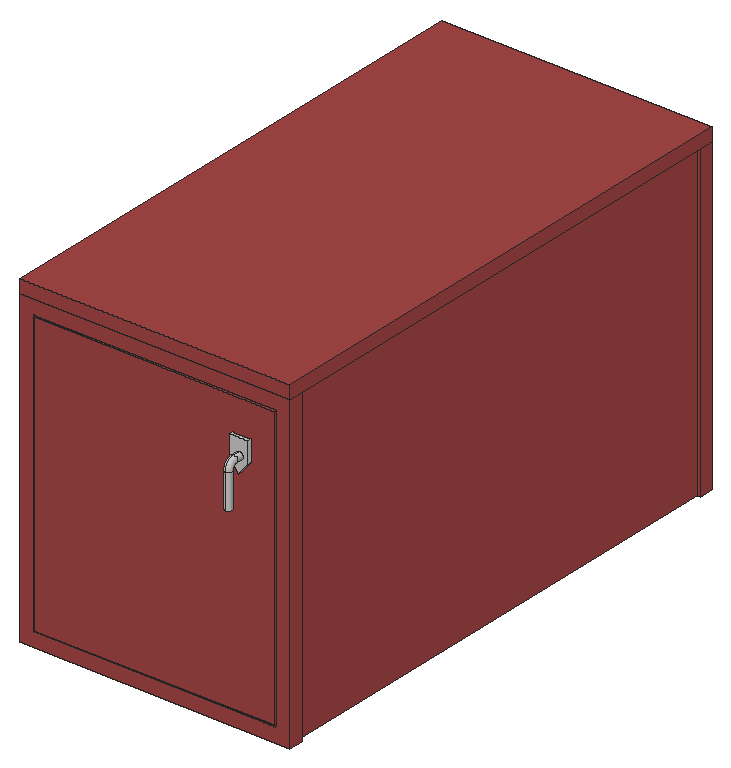
Revit family "Bike-Lockers_Huntco_BV1", category Site, host Face, Revit 2026
Family settings
  Host = Face
  Round Connector Dimension = Use Diameter
  Part Type = Normal
  Classification Number = 23.40.10.11.11
  Cut with Voids When Loaded = No
  Shared = No
Parameters
  Warranty Duration (Years) = 0
  Unit Width = 3' - 3"
  Unit Weight = 0
  Unit Length = 6' - 4"
  Unit Height = 3' - 11"
  URL = "http://www.huntco.com/"
  Test Data = ""
  Specification = "http://www.arcat.com/sdspecs/htm/02871hco.htm"
  SpecWizard = ""
  Sidewall Panel Perforations = yes
  Send Message = "http://www.arcat.com/users.pl?action=UserEmail&company=Huntco+Supply+LLC&coid=39482&rep=133&fax=503-274-2055&mf="
  Sales Information = ""
  Revision = "R1_11_2012"
  Regular Panels = not(or(Door Panel Perforations, Sidewall Panel Perforations))  # no
  Product Properties = ""
  Product Data = "http://www.arcat.com/arcatcos/cos39/arc39482.html"
  Model = "BV-1"
  Manufacturer Website = "http://www.huntco.com/"
  Manufacturer Phone - Toll Free = "800-547-5909"
  Manufacturer Phone = "503-224-8700"
  Manufacturer Fax = "503-274-2055"
  Manufacturer Address = "Huntco Supply LLC P. O. Box 10385 Portland, OR 97296"
  Manufacturer = "Huntco Supply LLC"
  Maintenance Schedule (Months) = 0
  Locker Color = Metal - Steel - Huntco - Powdercoat as Specified
  Keynote = "02871"
  Installation-Fabrication = ""
  Installation Phase = ""
  Handle = Metal - Steel - Huntco - Stainless
  Green Building-LEED = "http://www.arcat.com/green/clients/leed_data_39482.html"
  Expected Lifespan (Years) = 0
  Drawn By = "Sumex Design, Inc. / Robert S. Weygant, CSI, CDT, SCIP"
  Door Panel Perforations = yes
  Description = "Huntco BV-1 Bike Locker"
  Default Elevation = 4' - 0"
  Copyright = "©Arcat Inc."
  Construction Details = "http://www.arcat.com/details/huntcosu/huntcosu.html?coid=39482"
  Capacity = "1 Bike"
  Building Codes = ""
  Assembly Code = "G2040500"
Reference planes (in)
  plane 1 "Center (Front/Back)": y = 0
  plane 2: z = 0
  plane 3 "Center (Left/Right)": x = 0
  plane 4: y = 38
  plane 5: y = -38
  plane 6: x = -19.5
  plane 7: x = 19.5
  plane 8: z = 48
  plane 9: z = 1
Forms (in)
  Extrusion 1, solid, material "Metal - Steel - Huntco - Powdercoat as Specified" <- "Locker Color"
    sketch origin (0, 0, 0) x (1, 0, 0) y (0, 1, 0)
      loop
        circle (-14.5, 33) r 1.5
      loop
        circle (14.5, 33) r 1.5
      loop
        circle (-14.5, -33) r 1.5
      loop
        circle (14.5, -33) r 1.5
    from 0 to 1
  Extrusion 2, solid, material "Metal - Steel - Huntco - Powdercoat as Specified" <- "Locker Color"
    sketch origin (0, 0, 0) x (1, 0, 0) y (0, 1, 0)
      loop
        line (-19.5, 38) -> (-19.5, -38) -> (19.5, -38) -> (19.5, 38) -> (-19.5, 38)
    from 48 to 46
  Extrusion 3, solid, material "Metal - Steel - Huntco - Powdercoat as Specified" <- "Locker Color"
    sketch origin (0, 0, 0) x (1, 0, 0) y (0, 1, 0)
      loop
        line (-19.5, 38) -> (-19.5, 36) -> (19.5, 36) -> (19.5, 38) -> (-19.5, 38)
      loop
        line (-19.5, -38) -> (-17.5, -38) -> (-17.5, -36) -> (-19.5, -36) -> (-19.5, -38)
      loop
        line (19.5, -38) -> (19.5, -36) -> (17.5, -36) -> (17.5, -38) -> (19.5, -38)
    from 1 to 46
  Extrusion 4, solid, material "Metal - Steel - Huntco - Powdercoat as Specified" <- "Locker Color"
    sketch origin (0, 0, 0) x (1, 0, 0) y (0, 0, 1)
      loop
        line (-17.5, 46) -> (-17.5, 44) -> (17.5, 44) -> (17.5, 46) -> (-17.5, 46)
      loop
        line (-17.5, 1) -> (17.5, 1) -> (17.5, 3) -> (-17.5, 3) -> (-17.5, 1)
    from 38 to 36
  Extrusion 5, solid, material "Metal - Steel - Huntco - Powdercoat as Specified" <- "Locker Color"
    sketch origin (0, 0, 0) x (1, 0, 0) y (0, 1, 0)
      loop
        line (-17.5, 36) -> (-17.5, -36) -> (17.5, -36) -> (17.5, 36) -> (-17.5, 36)
    from 1 to 1.4375
  Extrusion 6, solid, material "Metal - Steel - Huntco - Powdercoat as Specified" <- "Locker Color"
    sketch origin (0, 0, 0) x (1, 0, 0) y (0, 0, 1)
      loop
        line (-17.5, 43.75) -> (-17.5, 3.25) -> (17.25, 3.25) -> (17.25, 43.75) -> (-17.5, 43.75)
    from 38 to 36
  Extrusion 7, solid, material "Metal - Steel - Huntco - Stainless" <- "Handle"
    sketch origin (4.5, 0, 0) x (1, 0, 0) y (0, 0, 1)
      loop
        line (6.70202, 38.96413) -> (6.70202, 35.83913) -> (8.01452, 34.27495) -> (9.32702, 35.83913) -> (9.32702, 38.96413) -> (6.70202, 38.96413)
    from 38 to 38.5
  Sweep 8, solid, material "Metal - Steel - Huntco - Stainless" <- "Handle"
    path origin (0, 0, 0) x (0, 1, 0) y (0, 0, 1)
      loop
        line (-38.5, 36.61954) -> (-39.5, 36.61954)
        arc (-39.5, 36.61954) -> (-40.20711, 36.32665) -> (-40.5, 35.61954) r 1
        line (-40.5, 35.61954) -> (-40.5, 30.61954)
    profile origin (0, -39, 36.61954) x (0, 0, -1) y (1, 0, 0)
      loop
        circle (0, 12.5625) r 0.5
  Extrusion 9, solid, material "Metal - Steel - Huntco - Powdercoat as Specified" <- "Locker Color"
    sketch origin (0, 0, 0) x (1, 0, 0) y (0, 1, 0)
      loop
        line (19, 36) -> (17.5, 36) -> (17.5, -36) -> (19, -36) -> (19, 36)
      loop
        line (-19, 36) -> (-19, -36) -> (-17.5, -36) -> (-17.5, 36) -> (-19, 36)
    from 1 to 46
Cuts and joins
  joined: Extrusion 3, Extrusion 4, Extrusion 5
Lines and regions (in)
  symbolic lines, style "Site"
    curve 1: line (-17.5, -38, 0) -> (-17.5, -72.75, 0)
    curve 2: arc (-17.5, -72.75, 0) -> (7.07196, -62.57196, 0) -> (17.25, -38, 0) r 34.75
Dimensions and locks (in)
  equal spacing: plane 4, plane 1 "Center (Front/Back)", plane 5
  "Unit Length": plane 4 to plane 5
  equal spacing: plane 6, plane 3 "Center (Left/Right)", plane 7
  "Unit Width": plane 6 to plane 7
  locked: plane 9 to level at 1
  "Unit Height": plane 8 to plane 9
  aligned and locked: plane 2 to host face
  aligned and locked: level to host face
  aligned and locked: plane 6 to Extrusion 2 sketch curve
  aligned and locked: Extrusion 2 sketch curve to plane 4
  aligned and locked: plane 5 to Extrusion 2 sketch curve
  aligned and locked: Extrusion 2 sketch curve to plane 7
  aligned and locked: plane 8 to Extrusion 2
  aligned and locked: Extrusion 3 to plane 9
  aligned: curve 2 to Extrusion 6
Automatic sketch dimensions
  host sketch curve to host sketch curve = 8' - 0"  (x2)
  plane 6 to Extrusion 1 sketch curve = 0' - 5"  (x2)
  Extrusion 1 sketch curve to plane 7 = 0' - 5"  (x2)
  plane 5 to Extrusion 1 sketch curve = 0' - 5"  (x2)
  Extrusion 1 sketch curve to plane 4 = 0' - 5"  (x2)
  plane 5 to Extrusion 5 sketch curve = 0' - 2"
  plane 6 to Extrusion 5 sketch curve = 0' - 2"
  Extrusion 5 sketch curve to plane 7 = 0' - 2"
  Extrusion 5 sketch curve to plane 4 = 0' - 2"
  plane 6 to Extrusion 9 sketch curve = 0' - 0 1/2"
  Extrusion 9 sketch curve to plane 7 = 0' - 0 1/2"
  plane 6 to Extrusion 9 sketch curve = 0' - 2"
  Extrusion 9 sketch curve to plane 7 = 0' - 2"
  plane 5 to Extrusion 9 sketch curve = 0' - 2"  (x2)
  Extrusion 9 sketch curve to plane 4 = 0' - 2"  (x2)
  Extrusion 3 sketch curve to plane 4 = 0' - 0"
  Extrusion 3 sketch curve to plane 6 = 0' - 0"  (x2)
  Extrusion 3 sketch curve to plane 5 = 0' - 0"  (x2)
  Extrusion 3 sketch curve to plane 7 = 0' - 0"  (x2)
  plane 5 to Extrusion 3 sketch curve = 0' - 2"  (x2)
  Extrusion 3 sketch curve to Extrusion 3 sketch curve = 0' - 2"  (x2)
  Extrusion 3 sketch curve to plane 4 = 0' - 2"
  Extrusion 4 sketch curve to plane 9 = 0' - 0"
  plane 6 to Extrusion 4 sketch curve = 0' - 2"  (x2)
  Extrusion 4 sketch curve to plane 7 = 0' - 2"  (x2)
  Extrusion 4 sketch curve to Extrusion 4 sketch curve = 0' - 2"
  Extrusion 4 sketch curve to plane 8 = 0' - 4"
  Extrusion 4 sketch curve to plane 8 = 0' - 2"
  plane 6 to Extrusion 6 sketch curve = 0' - 2"
  Extrusion 6 sketch curve to plane 7 = 0' - 2 1/4"
  plane 9 to Extrusion 6 sketch curve = 0' - 2 1/4"
  Extrusion 6 sketch curve to plane 8 = 0' - 4 1/4"
  plane 3 "Center (Left/Right)" to Extrusion 7 sketch curve = 0' - 11.20202"
  Extrusion 7 sketch curve to Extrusion 7 sketch curve = 0' - 1 5/16"
  Extrusion 7 sketch curve to Extrusion 7 sketch curve = 0' - 2 5/8"
  Extrusion 7 sketch curve to plane 8 = 1' - 1.72505"
  Extrusion 7 sketch curve to Extrusion 7 sketch curve = 0' - 1.56418"  (x2)
  Extrusion 7 sketch curve to Extrusion 7 sketch curve = 0' - 3 1/8"
  Sweep 8 sketch curve to plane 5 = 0' - 2 1/2"
  Sweep 8 sketch curve to Sweep 8 sketch curve = 0' - 1"
  Sweep 8 sketch curve to plane 5 = 0' - 0 1/2"
  Sweep 8 sketch curve to plane 8 = 1' - 5.38046"
  Sweep 8 sketch curve to Sweep 8 sketch curve = 0' - 5"
  Sweep 8 sketch curve to profile plane = 0' - 0"
  plane 3 "Center (Left/Right)" to Sweep 8 sketch curve = 1' - 0 9/16"
  curve 2 to plane 5 = 0' - 0"
  curve 1 to plane 5 = 0' - 0"
  plane 6 to curve 1 = 0' - 2"
  curve 2 to plane 7 = 0' - 2 1/4"
  radius of Extrusion 1 sketch curve = 0' - 1 1/2"  (x4)
  radius of Sweep 8 sketch curve = 0' - 0 1/2"
